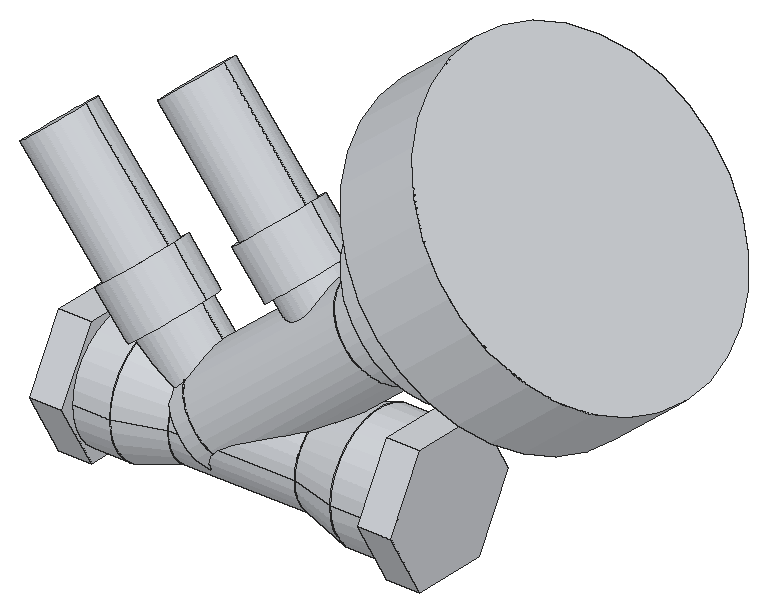
Revit family "D9505-DN10-RFA_2019", category Pipe Accessories, Revit 2019
Family settings
  Round Connector Dimension = Use Diameter
  Part Type = Valve - Breaks Into
  Work Plane-Based = No
  Always vertical = Yes
  Cut with Voids When Loaded = No
  Shared = No
Parameters (values of type "D9505 DN10")
  magiProductId = "f06221e9bc9341508f66871c80ccb9"
  magiProductFamilyId = "283409d322044e8dba8a30d68fed8b"
  magiPartTypeId = 304
  isMeasuringValve [instance] = no
  ang2D [instance] = 0.00°
  W2D = 10 mm
  VersionID = "2.0/2017.10.31.1/VIR_9505_001"
  Use Minimum Symbol Size [instance] = yes
  URL = "http://www.hydronic.cz"
  Type Comments = "závitový; PN25 (-10~+100°C) nebo PN20 (-10~+130°C)"
  RN2 = 13.2 mm
  RN = 15.6 mm
  R7 = 9 mm
  R6 = 7.5 mm
  R5 = 20 mm
  R4 = 11 mm
  R3 = 11 mm
  R2 = 13 mm
  R1 = 10 mm
  QmdConnectorList = "301;D;302;D"
  Productdata [instance] = ""
  NUT1 = no
  Manufacturer = "Hydronic Systems Prague s.r.o."
  MC Product Code = "9505 010 (DN10; PN25 kvs0,97)"
  MC Piping Given Pressure Drop [instance] = 0.0 Pa
  L_2 = 38.5 mm
  L7 = 36 mm
  L6 = 2 mm
  L4 = 10.01 mm
  L3 = 10 mm
  L2__ve = -L2  # -8 mm
  L2D_Min = 3048 mm
  L2D = 77 mm
  L2 = 8 mm
  L1__ve = -L1  # -7 mm
  L1 = 7 mm
  HWR = 35 mm
  H8 = 27.3 mm
  H7 = 10.92 mm
  H6 = 18 mm
  H5 = 13 mm
  H4 = 20 mm
  H3 = 13.859 mm
  H2 = 42 mm
  H1 = 4 mm
  Description = "Ruční vyvažovací ventil závitový; bronzový; DN10; kvs0,97"
  D = 10 mm
  CenSd_RN_6 = RN * cos(30.00°)  # 13.51 mm
  CenSd_RN2_6 = RN2 * cos(30.00°)  # 11.432 mm
  CAT0 = yes
Types (7, lengths in mm): name | magiProductId | RN2 | RN | R4 | R3 | R2 | R1 | MC Product Code | L_2 | L4 | L2__ve | L2 | L1__ve | L1 | H8 | H7 | H6 | H5 | H3 | H2 | H1 | Description | D | CenSd_RN_6 | CenSd_RN2_6
  D9505 DN10 | "f06221e9bc9341508f66871c80ccb9" | 13.2 | 15.6 | 11 | 11 | 13 | 10 | "9505 010 (DN10; PN25 kvs0,97)" | 38.5 | 10.01 | -8 | 8 | -7 | 7 | 27.3 | 10.92 | 18 | 13 | 13.859 | 42 | 4 | "Ruční vyvažovací ventil závitový; bronzový; DN10; kvs0,97" | 10 | 13.51 | 11.432
  D9505 DN15 | "7168eb0cb4024df38c6d32127ca87d" | 14.85 | 17.55 | 12.375 | 12.375 | 14.625 | 11.25 | "9505 015 (DN15; PN25 kvs2,67)" | 45 | 11.7 | -8 | 8 | -8 | 8 | 27 | 10.8 | 19.375 | 14.375 | 12.304 | 41 | 5 | "Ruční vyvažovací ventil závitový; bronzový; DN15; kvs2,67" | 15 | 15.199 | 12.86
  D9505 DN20 | "82f2a7b1fa884f8cafe37fee21fa09" | 16.5 | 19.5 | 13.75 | 13.75 | 16.25 | 12.5 | "9505 020 (DN20; PN25 kvs4,1)" | 51 | 13.26 | -8 | 8 | -9 | 9 | 27 | 10.8 | 20.75 | 15.75 | 12.304 | 40 | 6 | "Ruční vyvažovací ventil závitový; bronzový; DN20; kvs4,1" | 20 | 16.887 | 14.289
  D9505 DN25 | "a5bafb2d780d49b5957b650150642c" | 18.15 | 21.45 | 15.125 | 15.125 | 17.875 | 13.75 | "9505 025 (DN25; PN25 kvs6,4)" | 55 | 14.3 | -9 | 9 | -10 | 10 | 27 | 10.8 | 22.125 | 17.125 | 12.304 | 39 | 7 | "Ruční vyvažovací ventil závitový; bronzový; DN25; kvs6,4" | 25 | 18.576 | 15.718
  D9505 DN32 | "a42dead6f7694bcf97a0a9ce0e311e" | 20.46 | 24.18 | 17 | 17.05 | 20.15 | 15.5 | "9505 032 (DN32; PN25 kvs12,0)" | 60.5 | 15.73 | -9.5 | 9.5 | -11.4 | 11.4 | 34.8 | 13.92 | 24.05 | 19.05 | 52.753 | 38 | 8 | "Ruční vyvažovací ventil závitový; bronzový; DN32; kvs12,0" | 32 | 20.94 | 17.719
  D9505 DN40 | "7d52969a8dcd46c581304e64bff261" | 23.1 | 27.3 | 17 | 19.25 | 22.75 | 17.5 | "9505 040 (DN40; PN25 kvs19,5)" | 71 | 18.46 | -10 | 10 | -13 | 13 | 34.8 | 13.92 | 26.25 | 21.25 | 52.753 | 36 | 10 | "Ruční vyvažovací ventil závitový; bronzový; DN40; kvs19,5" | 40 | 23.642 | 20.005
  D9505 DN50 | "2fc06cc644084f6992b3d357430981" | 26.4 | 31.2 | 17 | 22 | 26 | 20 | "9505 050 (DN50; PN25 kvs29,8)" | 80.5 | 20.93 | -11 | 11 | -15 | 15 | 34.8 | 13.92 | 29 | 24 | 52.753 | 34 | 12 | "Ruční vyvažovací ventil závitový; bronzový; DN50; kvs29,8" | 50 | 27.02 | 22.863
Reference planes
  plane 1 "Center (Front/Back)": y = 0
  plane 2 "XYPLANE": z = 0
  plane 3 "Center (Left/Right)": x = 0
  plane 4 "312": through (-489.037, 0, 577.104) normal (0.766, 0, 0.6428)
  plane 5 "176": through (-599.919, 0, -463.767) normal (-0.6428, 0, 0.766)
  plane 6 "173": through (-596.114, 0, -468.302) normal (-0.6428, 0, 0.766)
  plane 7 "163": x = -10.01
  plane 8 "158": x = 13.5
  plane 9 "157": x = 23.5
  plane 10 "154": x = -13.5
  plane 11 "83": through (-603.133, 0, -459.937) normal (-0.6428, 0, 0.766)
  plane 12 "76": through (-464.523, 0, 597.674) normal (0.766, 0, 0.6428)
  plane 13 "73": through (-592.9, 0, -472.132) normal (-0.6428, 0, 0.766)
  plane 14 "70": through (-584.543, 0, -482.091) normal (-0.6428, 0, 0.766)
  plane 15 "69": y = 0
  plane 16 "68": through (-490.569, 0, 575.819) normal (0.766, 0, 0.6428)
  plane 17 "60": through (-430.925, 0, 625.866) normal (0.766, 0, 0.6428)
  plane 18 "57": through (-446.246, 0, 613.01) normal (0.766, 0, 0.6428)
  plane 19 "54": through (-456.863, 0, 604.102) normal (0.766, 0, 0.6428)
  plane 20 "32": through (-492.101, 0, 574.533) normal (0.766, 0, 0.6428)
  plane 21 "31": y = 0
  plane 22 "30": through (564.523, 0, 482.091) normal (0.6428, 0, -0.766)
  plane 23 "21": x = -23.5
  plane 24 "20": x = 31.5
  plane 25 "19": x = -31.5
  plane 26 "13": x = 0
  plane 27 "11": x = 38.5
  plane 28 "10": x = -38.5
  plane 29 "9": y = 0
  plane 30 "8": z = 0
  plane 31 "65XY": through (-584.543, 0, -482.091) normal (-0.6428, 0, 0.766)
  plane 32 "65XZ": y = 0
  plane 33 "65YZ": through (-492.101, 0, 574.533) normal (0.766, 0, 0.6428)
  plane 34 "27XY": through (-492.101, 0, 574.533) normal (0.766, 0, 0.6428)
  plane 35 "27XZ": y = 0
  plane 36 "27YZ": through (564.523, 0, 482.091) normal (0.6428, 0, -0.766)
Forms (mm)
  Extrusion 1, solid, visible <- "CAT0"
    sketch origin (-492.101, 0, 574.533) x (0.642788, 0, -0.766044) y (0, 1, 0)
      loop
        circle (750, 0) r 11
    from 0 to 4 <- "H1"
  Extrusion 2, solid
    sketch origin (-599.919, 0, -463.767) x (0.766044, 0, 0.642788) y (0, 1, 0)
      loop
        circle (786, 0) r 7.5
    from 0 to 27.3 <- "H8"
  Extrusion 3, solid
    sketch origin (-592.9, 0, -472.132) x (0.766044, 0, 0.642788) y (0, 1, 0)
      loop
        circle (786, 0) r 9
    from 0 to 10.92 <- "H7"
  Extrusion 4, solid
    sketch origin (-456.863, 0, 604.102) x (0.642788, 0, -0.766044) y (0, 1, 0)
      loop
        circle (750, 0) r 11
    from 0 to 13.859 <- "H3"
  Extrusion 5, solid, visible <- "NUT1"
    sketch origin (-456.863, 0, 604.102) x (0.642788, 0, -0.766044) y (0, 1, 0)
      loop
        line (750, 13.2) -> (738.568, 6.6) -> (738.568, -6.6) -> (750, -13.2) -> (761.432, -6.6) -> (761.432, 6.6) -> (750, 13.2)
    from 0 to 7 <- "L1"
  Blend 6, solid, visible <- "CAT0"
    base sketch origin (-13.5, -750, 0) x (0, 1, 0) y (0, 0, 1)
      loop
        circle (750, 0) r 10
    top sketch origin (-13.5, -750, 0) x (0, 1, 0) y (0, 0, 1)
      loop
        circle (750, 0) r 10
    from 0 to 27
  Blend 7, solid
    base sketch origin (23.5, -750, 0) x (0, 1, 0) y (0, 0, 1)
      loop
        circle (750, 0) r 13
    top sketch origin (23.5, -750, 0) x (0, 1, 0) y (0, 0, 1)
      loop
        circle (750, 0) r 10
    from 0 to -10
  Blend 8, solid
    base sketch origin (-23.5, -750, 0) x (0, 1, 0) y (0, 0, 1)
      loop
        circle (750, 0) r 13
    top sketch origin (-23.5, -750, 0) x (0, 1, 0) y (0, 0, 1)
      loop
        circle (750, 0) r 10
    from 0 to 10
  Extrusion 9, solid
    sketch origin (-584.543, 0, -482.091) x (0.766044, 0, 0.642788) y (0, 1, 0)
      loop
        circle (752, 0) r 7.5
    from 0 to 18 <- "H6"
  Extrusion 10, solid
    sketch origin (-603.133, 0, -459.937) x (0.766044, 0, 0.642788) y (0, 1, 0)
      loop
        circle (752, 0) r 7.5
    from 0 to 27.3 <- "H8"
  Extrusion 11, solid
    sketch origin (-584.543, 0, -482.091) x (0.766044, 0, 0.642788) y (0, 1, 0)
      loop
        circle (786, 0) r 7.5
    from 0 to 13 <- "H5"
  Extrusion 12, solid
    sketch origin (-596.114, 0, -468.302) x (0.766044, 0, 0.642788) y (0, 1, 0)
      loop
        circle (752, 0) r 9
    from 0 to 10.92 <- "H7"
  Extrusion 13, solid, visible <- "CAT0"
    sketch origin (-430.925, 0, 625.866) x (0.642788, 0, -0.766044) y (0, 1, 0)
      loop
        circle (750, 0) r 35
    from 0 to 20 <- "H4"
  Extrusion 14, solid
    sketch origin (-446.246, 0, 613.01) x (0.642788, 0, -0.766044) y (0, 1, 0)
      loop
        circle (750, 0) r 20
    from 0 to 20 <- "H4"
  Extrusion 15, solid
    sketch origin (-489.037, 0, 577.104) x (0.642788, 0, -0.766044) y (0, 1, 0)
      loop
        circle (750, 0) r 11
    from 0 to 42 <- "H2"
  Extrusion 16, solid
    sketch origin (31.5, -750, 0) x (0, 1, 0) y (0, 0, 1)
      loop
        circle (750, 0) r 13
    from 0 to -8 <- "L2__ve"
  Extrusion 17, solid
    sketch origin (-31.5, -750, 0) x (0, 1, 0) y (0, 0, 1)
      loop
        circle (750, 0) r 13
    from 0 to 8 <- "L2"
  Extrusion 18, solid
    sketch origin (38.5, -750, 0) x (0, 1, 0) y (0, 0, 1)
      loop
        line (734.4, 0) -> (742.2, -13.51) -> (757.8, -13.51) -> (765.6, 0) -> (757.8, 13.51) -> (742.2, 13.51) -> (734.4, 0)
    from 0 to -7 <- "L1__ve"
  Extrusion 19, solid
    sketch origin (-38.5, -750, 0) x (0, 1, 0) y (0, 0, 1)
      loop
        line (765.6, 0) -> (757.8, 13.51) -> (742.2, 13.51) -> (734.4, 0) -> (742.2, -13.51) -> (757.8, -13.51) -> (765.6, 0)
    from 0 to 7 <- "L1"
  Extrusion 20, solid, not visible
    sketch origin (38.5, -750, 0) x (0, 1, 0) y (0, 0, 1)
      loop
        circle (750, 0) r 10
    from 0 to -10
  Extrusion 21, solid, not visible
    sketch origin (-38.5, -750, 0) x (0, 1, 0) y (0, 0, 1)
      loop
        circle (750, 0) r 10
    from 0 to 10
Lines and regions (mm)
  reference lines, not visible
    curve 1: circle (2, 2, 0) r 1 normal (0, 0, 1)
  reference lines
    curve 2: line (25.228, 0, 29.568) -> (28.902, -3.3, 25.19)
    curve 3: line (25.228, 0, 29.568) -> (25.228, -6.6, 29.568)
    curve 4: line (25.228, 0, 29.568) -> (21.554, -3.3, 33.947)
    curve 5: line (38.5, 0, 0) -> (38.5, 3.9, -6.755)
    curve 6: line (38.5, 0, 0) -> (38.5, 7.8, 0)
    curve 7: line (38.5, 0, 0) -> (38.5, 3.9, 6.755)
    curve 8: line (-38.5, 0, 0) -> (-38.5, -3.9, -6.755)
    curve 9: line (-38.5, 0, 0) -> (-38.5, -7.8, 0)
    curve 10: line (-38.5, 0, 0) -> (-38.5, -3.9, 6.755)
Dimensions and locks
  plane 1 "Center (Front/Back)" to curve 1 = 2 mm
  "H1": plane 20 "32" to plane 4 "312"
  "H7": plane 13 "73" to plane 5 "176"
  "H6": plane 14 "70" to plane 6 "173"
  "L4": plane 26 "13" to plane 7 "163"
  "L3": plane 9 "157" to plane 8 "158"
  "L2": plane 24 "20" to plane 9 "157"
  "L3": plane 23 "21" to plane 10 "154"
  "H7": plane 6 "173" to plane 11 "83"
  "L7": plane 33 "65YZ" to plane 12 "76"
  "H5": plane 14 "70" to plane 13 "73"
  locked: plane 31 "65XY" to plane 14 "70" at 0
  locked: plane 29 "9" to plane 15 "69"
  "L6": plane 33 "65YZ" to plane 16 "68"
  "H4": plane 18 "57" to plane 17 "60"
  "H3": plane 19 "54" to plane 18 "57"
  "H2": plane 4 "312" to plane 19 "54"
  locked: plane 34 "27XY" to plane 20 "32" at 0
  locked: plane 29 "9" to plane 21 "31"
  locked: plane 36 "27YZ" to plane 22 "30"
  "L2": plane 25 "19" to plane 23 "21"
  "L1": plane 27 "11" to plane 24 "20"
  "L1": plane 28 "10" to plane 25 "19"
  locked: plane 3 "Center (Left/Right)" to plane 26 "13"
  "L_2": plane 3 "Center (Left/Right)" to plane 27 "11"
  "L_2": plane 3 "Center (Left/Right)" to plane 28 "10"
  locked: plane 1 "Center (Front/Back)" to plane 29 "9"
  locked: plane 2 "XYPLANE" to plane 30 "8"
  "CenSd_RN2_6": curve 2 to Extrusion 5 sketch curve  (x2)
  "CenSd_RN2_6": curve 3 to Extrusion 5 sketch curve  (x2)
  "CenSd_RN2_6": curve 4 to Extrusion 5 sketch curve  (x2)
  Extrusion 5 sketch curve to Extrusion 5 sketch curve = 0 mm  (x12)
  "CenSd_RN_6": curve 5 to Extrusion 18 sketch curve  (x2)
  "CenSd_RN_6": curve 6 to Extrusion 18 sketch curve  (x2)
  "CenSd_RN_6": curve 7 to Extrusion 18 sketch curve  (x2)
  Extrusion 18 sketch curve to Extrusion 18 sketch curve = 0 mm  (x12)
  "CenSd_RN_6": curve 8 to Extrusion 19 sketch curve  (x2)
  "CenSd_RN_6": curve 9 to Extrusion 19 sketch curve  (x2)
  "CenSd_RN_6": curve 10 to Extrusion 19 sketch curve  (x2)
  Extrusion 19 sketch curve to Extrusion 19 sketch curve = 0 mm  (x12)
  "R3": radius of Extrusion 1 sketch curve
  "R6": radius of Extrusion 2 sketch curve
  "R7": radius of Extrusion 3 sketch curve
  "R4": radius of Extrusion 4 sketch curve
  "R1": radius of Blend 6 sketch curve  (x2)
  "R1": radius of Blend 7 sketch curve
  "R2": radius of Blend 7 sketch curve
  "R1": radius of Blend 8 sketch curve
  "R2": radius of Blend 8 sketch curve
  "R6": radius of Extrusion 9 sketch curve
  "R6": radius of Extrusion 10 sketch curve
  "R6": radius of Extrusion 11 sketch curve
  "R7": radius of Extrusion 12 sketch curve
  "HWR": radius of Extrusion 13 sketch curve
  "R5": radius of Extrusion 14 sketch curve
  "R3": radius of Extrusion 15 sketch curve
  "R2": radius of Extrusion 16 sketch curve
  "R2": radius of Extrusion 17 sketch curve
  locked: curve 3 to curve 2 (angle 60.00°)
  locked: curve 4 to curve 3 (angle 60.00°)
  locked: curve 4 to curve 2 (angle 120.00°)
  locked: curve 6 to curve 5 (angle 60.00°)
  locked: curve 7 to curve 6 (angle 60.00°)
  locked: curve 7 to curve 5 (angle 120.00°)
  locked: curve 9 to curve 8 (angle 60.00°)
  locked: curve 10 to curve 9 (angle 60.00°)
  locked: curve 10 to curve 8 (angle 120.00°)
  aligned and locked: level to plane 2 "XYPLANE"
  aligned and locked: plane 21 "31" to Extrusion 1 sketch curve
  aligned and locked: Extrusion 1 sketch curve to plane 22 "30"
  aligned and locked: Extrusion 2 sketch curve to plane 12 "76"
  aligned and locked: plane 15 "69" to Extrusion 2 sketch curve
  aligned and locked: Extrusion 3 sketch curve to plane 12 "76"
  aligned and locked: plane 15 "69" to Extrusion 3 sketch curve
  aligned and locked: plane 21 "31" to Extrusion 4 sketch curve
  aligned and locked: Extrusion 4 sketch curve to plane 22 "30"
  aligned and locked: curve 2 to plane 22 "30"
  aligned and locked: plane 21 "31" to curve 3
  aligned and locked: Blend 6 sketch curve to plane 29 "9"  (x2)
  aligned and locked: plane 30 "8" to Blend 6 sketch curve  (x2)
  aligned and locked: plane 8 "158" to Blend 6
  aligned and locked: Blend 7 sketch curve to plane 29 "9"  (x2)
  aligned and locked: plane 30 "8" to Blend 7 sketch curve  (x2)
  aligned and locked: Blend 7 to plane 8 "158"
  aligned and locked: Blend 8 sketch curve to plane 29 "9"  (x2)
  aligned and locked: plane 30 "8" to Blend 8 sketch curve  (x2)
  aligned and locked: plane 10 "154" to Blend 8
  aligned and locked: plane 15 "69" to Extrusion 9 sketch curve
  aligned and locked: Extrusion 9 sketch curve to plane 16 "68"
  aligned and locked: plane 15 "69" to Extrusion 10 sketch curve
  aligned and locked: Extrusion 10 sketch curve to plane 16 "68"
  aligned and locked: Extrusion 11 sketch curve to plane 12 "76"
  aligned and locked: plane 15 "69" to Extrusion 11 sketch curve
  aligned and locked: plane 15 "69" to Extrusion 12 sketch curve
  aligned and locked: Extrusion 12 sketch curve to plane 16 "68"
  aligned and locked: plane 21 "31" to Extrusion 13 sketch curve
  aligned and locked: Extrusion 13 sketch curve to plane 22 "30"
  aligned and locked: plane 21 "31" to Extrusion 14 sketch curve
  aligned and locked: Extrusion 14 sketch curve to plane 22 "30"
  aligned and locked: plane 21 "31" to Extrusion 15 sketch curve
  aligned and locked: Extrusion 15 sketch curve to plane 22 "30"
  aligned and locked: Extrusion 16 sketch curve to plane 29 "9"
  aligned and locked: plane 30 "8" to Extrusion 16 sketch curve
  aligned and locked: Extrusion 17 sketch curve to plane 29 "9"
  aligned and locked: plane 30 "8" to Extrusion 17 sketch curve
  aligned and locked: curve 7 to plane 29 "9"
  aligned and locked: plane 30 "8" to curve 7
  aligned and locked: curve 10 to plane 29 "9"
  aligned and locked: plane 30 "8" to curve 10
  aligned and locked: Extrusion 20 sketch curve to plane 29 "9"
  aligned and locked: plane 30 "8" to Extrusion 20 sketch curve
  aligned and locked: Extrusion 21 sketch curve to plane 29 "9"
  aligned and locked: plane 30 "8" to Extrusion 21 sketch curve
Automatic sketch dimensions
  plane 1 "Center (Front/Back)" to Extrusion 20 sketch curve = 10 mm
  plane 1 "Center (Front/Back)" to Extrusion 21 sketch curve = 10 mm
  plane 3 "Center (Left/Right)" to curve 1 = 2 mm
  radius of curve 1 = 1 mm
Connectors
  piping at (-38.5, 0, 0), diameter 10, driven by "D"
    settings: on Extrusion 21, index 1, connector inside diameter 609.6 mm, connector length 0 mm, flow factor 0, pipe flow 0.0 L/s, pressure drop 0.0 Pa, fitting loss kfactor 0, connector angle 0.00°, fixture units 0, engagement length 0 mm, angle of deflection 0.00°, flow configuration 0, flow direction 0, fitting loss method 0, system type 29, joint type 0, gender type 0, connector reference index 2, connector utility 0, adjustable connector no, is connector primary yes, connector description ""
  piping at (38.5, 0, 0), diameter 10, driven by "D"
    settings: on Extrusion 20, index 2, connector inside diameter 609.6 mm, connector length 0 mm, flow factor 0, pipe flow 0.0 L/s, pressure drop 0.0 Pa, fitting loss kfactor 0, connector angle 0.00°, fixture units 0, engagement length 0 mm, angle of deflection 0.00°, flow configuration 0, flow direction 0, fitting loss method 0, system type 29, joint type 0, gender type 0, connector reference index 1, connector utility 0, adjustable connector no, is connector primary no, connector description ""
